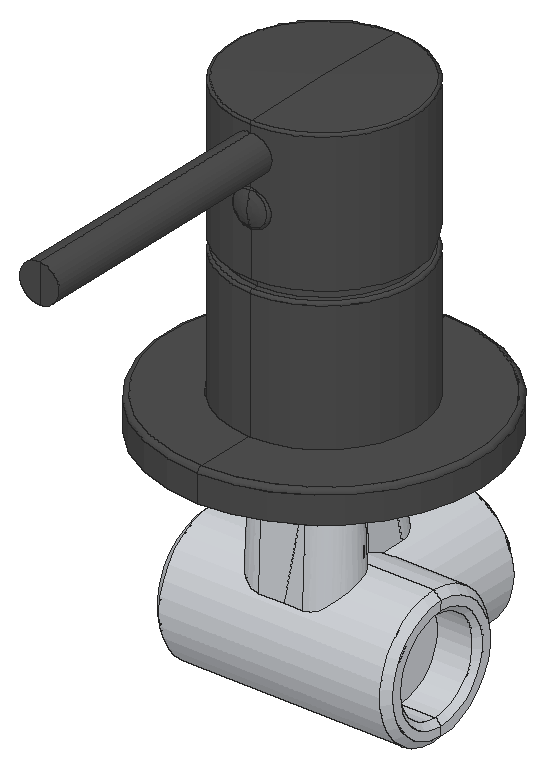
Revit family "Reece_Tap_Mizu_Drift_Shower Mixer", category Plumbing Fixtures, host Face, Revit 2018
Family settings
  Host = Face
  Round Connector Dimension = Use Diameter
  Part Type = Normal
  Cut with Voids When Loaded = No
  Shared = Yes
  Room Calculation Point = Yes
Parameters (values of type "Matte Black")
  WFU = 0  # constant formula
  URL = "https://www.reece.com.au/product/-2267368"
  Type Comments = "Tap"
  Reece_Tap_Outlet = 25 mm  # constant formula
  Reece_Tap_Inlet = 25 mm  # constant formula
  Reece_Product_Web Page = "https://www.reece.com.au/product/-2267368"
  Reece_Product_Type = "Tap"  # constant formula
  Reece_Product_Sub Brand = "Drift"  # constant formula
  Reece_Product_Number = "2267368"
  Reece_Product_Mount = "Wall Mounted"  # constant formula
  Reece_Product_Description = "Mizu Drift Shower Mixer Kit Matte Black Lead Free"
  Reece_Product_Brand = "Mizu"  # constant formula
  Reece_Overall_Projection = 65 mm  # constant formula
  Reece_Overall_Height = 106 mm  # constant formula
  Reece_Material_Main = Reece_Brass_Matte Black
  Reece_Lever_Length = 55 mm  # constant formula
  Reece_Detail_Installation = ""
  Reece_Detail_Disclaimer = "THIS FILE IS THE PROPERTY OF THE REECE GROUP. IT MAY NOT BE REPRODUCED, REVERSE-ENGINEERED, OR MODIFIED. ANY REPUBLICATION, TRANSMISSION, OR DISTRIBUTION FOR THE PURPOSE OF COMMERCIALLY EXPLOITING THE FILES IS PROHIBITED."  # constant formula
  Reece_Detail_Connector = ""
  Reece_Detail_Additional = ""
  Model = "Drift"
  Manufacturer = "Mizu"
  Keynote = "Product #2267368, Reece_Tap_Mizu_Drift_Shower Mixer - Matte Black"
  HWFU = 0  # constant formula
  Disclaimer = "THIS FILE IS THE PROPERTY OF THE REECE GROUP. IT MAY NOT BE REPRODUCED, REVERSE-ENGINEERED, OR MODIFIED. ANY REPUBLICATION, TRANSMISSION, OR DISTRIBUTION FOR THE PURPOSE OF COMMERCIALLY EXPLOITING THE FILES IS PROHIBITED."  # constant formula
  Description = "Mizu Drift Shower Mixer Kit Matte Black Lead Free"
  Default Elevation = 1000 mm
  CWFU = 0  # constant formula
Types (6, lengths in mm): name | URL | Reece_Product_Web Page | Reece_Product_Number | Reece_Product_Description | Reece_Material_Main | Keynote | Description
  Brushed Nickel | "https://www.reece.com.au/product/-2267375" | "https://www.reece.com.au/product/-2267375" | "2267375" | "Mizu Drift Shower Mixer Kit Brushed Nickel Lead Free" | Reece_Brass_Brushed Nickel | "Product #2267375, Reece_Tap_Mizu_Drift_Shower Mixer - Brushed Nickel" | "Mizu Drift Shower Mixer Kit Brushed Nickel Lead Free"
  Chrome | "https://www.reece.com.au/product/-2267361" | "https://www.reece.com.au/product/-2267361" | "2267361" | "Mizu Drift Shower Mixer Kit Chrome Lead Free" | Reece_Brass_Chrome | "Product #2267361, Reece_Tap_Mizu_Drift_Shower Mixer - Chrome" | "Mizu Drift Shower Mixer Kit Chrome Lead Free"
  Matte Black | "https://www.reece.com.au/product/-2267368" | "https://www.reece.com.au/product/-2267368" | "2267368" | "Mizu Drift Shower Mixer Kit Matte Black Lead Free" | Reece_Brass_Matte Black | "Product #2267368, Reece_Tap_Mizu_Drift_Shower Mixer - Matte Black" | "Mizu Drift Shower Mixer Kit Matte Black Lead Free"
  Brushed Gunmetal | "https://www.reece.com.au/product/-2267382" | "https://www.reece.com.au/product/-2267382" | "2267382" | "Mizu Drift Shower Mixer Kit Brushed Gunmetal Lead Free" | Reece_Brass_Brushed Gunmetal | "Product #2267382, Reece_Tap_Mizu_Drift_Shower Mixer - Brushed Gunmetal" | "Mizu Drift Shower Mixer Kit Brushed Gunmetal Lead Free"
  Brushed Brass | "https://www.reece.com.au/product/-9512599" | "https://www.reece.com.au/product/-9512599" | "9512599" | "Mizu Drift Shower Mixer Kit Brushed Brass Lead Free" | Reece_Brass_Brushed | "Product #9512599, Reece_Tap_Mizu_Drift_Shower Mixer - Brushed Brass" | "Mizu Drift Shower Mixer Kit Brushed Brass Lead Free"
  Brushed Bronze | "https://www.reece.com.au/product/-2298920" | "https://www.reece.com.au/product/-2298920" | "2298920" | "Mizu Drift Shower Mixer Kit Brushed Bronze Lead Free" | Reece_Brass_Brushed Bronze | "Product #2298920, Reece_Tap_Mizu_Drift_Shower Mixer - Brushed Bronze" | "Mizu Drift Shower Mixer Kit Brushed Bronze Lead Free"
Reference planes
  plane 1 "Center (Front/Back)": y = 0
  plane 2: z = 0
  plane 3 "Center (Left/Right)": x = 0
  plane 4: y = -18.383
  plane 5: y = -73.383
  plane 6: y = 32.611
  plane 7: y = -73.389
  plane 8: z = 65
  plane 9: z = 33.682
Forms (mm)
  Revolve 1, solid, material "Reece_Brass_Matte Black" <- "Reece_Material_Main"
    sketch origin (0, 0.055, -117.916) x (0, 1, 0) y (0, 0, 1)
      loop
        arc (-18.4, 151.416) -> (-18.824, 151.24) -> (-19, 150.816) r 0.6
        line (-19, 150.816) -> (-19, 117.916) -> (0, 117.916) -> (0, 168.692)
        arc (0, 168.692) -> (-12.151, 163.621) -> (-17.093, 151.416) r 17.094
        line (-17.093, 151.416) -> (-18.4, 151.416)
      axis (0, 168.692) -> (0, 117.916)
    angle from 0 to 360
  Extrusion 2, void
    sketch origin (0, 5.683, 45.943) x (0, -0.91357, -0.406681) y (1, 0, 0)
      loop
        line (39.237, 24.5) -> (-51.116, 24.5) -> (-51.116, -24.5) -> (39.237, -24.5) -> (39.237, 24.5)
    from -20.185 to -8.806
  Revolve 3, solid, material "Reece_Brass_Matte Black" <- "Reece_Material_Main"
    sketch origin (0, 0.055, -117.916) x (0, 1, 0) y (0, 0, 1)
      loop
        arc (-18.499, 182.547) -> (-18.854, 182.387) -> (-19, 182.025) r 0.522
        line (-19, 182.025) -> (-19, 153.595) -> (-18.033, 153.595) -> (-17.5, 161.214) -> (-17.5, 164.095) -> (0, 164.095) -> (0, 182.916)
        arc (0, 182.916) -> (-9.251, 182.823) -> (-18.499, 182.547) r 466.089
      axis (0, 182.916) -> (0, 153.595)
    angle from 0 to 360
  Revolve 4, solid, material "Reece_Brass_Matte Black" <- "Reece_Material_Main"
    sketch origin (0, 0.055, 0.5) x (0, 1, 0) y (0, 0, 1)
      loop
        arc (-31.555, 6) -> (-32.262, 5.707) -> (-32.555, 5) r 1
        line (-32.555, 5) -> (-32.555, -0.5) -> (-19.305, -0.5) -> (-19.305, 6) -> (-31.555, 6)
      axis (0, 6) -> (0, -0.5)
    angle from 0 to 360
  Revolve 5, solid
    sketch origin (0, 7.086, -35) x (0, -1, 0) y (0, 0, 1)
      loop
        line (7.086, 34.7) -> (7.086, 27.3) -> (26.086, 27.3) -> (26.086, 34.7) -> (7.086, 34.7)
      axis (7.086, 34.7) -> (7.086, 27.3)
    angle from 0 to 360
  Revolve 6, solid
    sketch origin (0.142, -6.986, -36.43) x (0, 1, 0) y (0, 0, -1)
      loop
        line (8.163, -13.75) -> (38.586, -13.75) -> (40.086, -12.25) -> (40.086, -10.7) -> (38.886, -9.5) -> (32.645, -9.5) -> (32.645, 0) -> (8.163, 0) -> (8.163, -13.75)
      axis (8.163, 0) -> (40.086, 0)
    angle from 0 to 360
  Revolve 7, solid
    sketch origin (-58.723, 0, -1.289) x (1, 0, 0) y (0, 0, 1)
      loop
        line (35.947, -49) -> (81.5, -49) -> (83, -47.5) -> (83, -45.7) -> (81.8, -44.5) -> (74.51, -44.5) -> (74.51, -35) -> (42.866, -35) -> (42.866, -44.5) -> (35.647, -44.5) -> (34.447, -45.7) -> (34.447, -47.5) -> (35.947, -49)
      axis (83, -35) -> (34.447, -35)
    angle from 0 to 360
  Revolve 8, solid, material "Reece_Brass_Matte Black" <- "Reece_Material_Main"
    sketch origin (0, 0.928, -121.077) x (0, -1, 0) y (0, 0, -1)
      loop
        arc (19.269, -173.642) -> (19.651, -173.532) -> (19.915, -173.234) r 0.716
        arc (19.915, -173.234) -> (20.503, -171.536) -> (20.702, -169.75) r 8.104
        line (20.702, -169.75) -> (16.178, -169.75) -> (16.178, -173.642) -> (19.269, -173.642)
      axis (16.178, -169.75) -> (20.702, -169.75)
    angle from 0 to 360
  Revolve 9, void
    sketch origin (0, 0.928, -121.077) x (0, -1, 0) y (0, 0, -1)
      loop
        arc (20.458, -173.621) -> (20.84, -173.51) -> (21.104, -173.213) r 0.716
        arc (21.104, -173.213) -> (21.689, -171.525) -> (21.891, -169.75) r 8.104
        line (21.891, -169.75) -> (17.922, -169.75) -> (17.922, -173.621) -> (20.458, -173.621)
      axis (17.922, -169.75) -> (21.891, -169.75)
    angle from 0 to 360
  Revolve 10, void
    sketch origin (0, 0, 0) x (1, 0, 0) y (0, 0, 1)
      loop
        line (0, 6.5) -> (0, -53.5) -> (19, -53.5) -> (19, 6.5) -> (0, 6.5)
      axis (0, 6.5) -> (0, -53.5)
    angle from 0 to 360
  SweptBlend 11, solid
    path origin (0, 0, 0) x (0, 1, 0) y (0, 0, 1)
      loop
        line (-11.126, -30.592) -> (-11.126, -5.625)
    profile origin (0, -11.126, -30.592) x (0, -1, 0) y (1, 0, 0)
      loop
        line (0, 0) -> (0, 4.516)
        arc (0, 4.516) -> (-4.808, 10.868) -> (-12.227, 7.964) r 6.6
        arc (-12.227, 7.964) -> (-13.319, 6.914) -> (-14.785, 6.532) r 3
        line (-14.785, 6.532) -> (-24.322, 6.532)
        arc (-24.322, 6.532) -> (-30.854, 0) -> (-24.322, -6.532) r 6.532
        line (-24.322, -6.532) -> (-14.785, -6.532)
        arc (-14.785, -6.532) -> (-13.319, -6.914) -> (-12.227, -7.964) r 3
        arc (-12.227, -7.964) -> (-4.808, -10.868) -> (0, -4.516) r 6.6
        line (0, -4.516) -> (0, 0)
    end profile origin (0, -11.126, -5.625) x (0, -1, 0) y (1, 0, 0)
      loop
        arc (-19.416, 6.309) -> (-25.724, 0) -> (-19.416, -6.309) r 6.309
        line (-19.416, -6.309) -> (-13.92, -6.309)
        arc (-13.92, -6.309) -> (-12.496, -6.667) -> (-11.413, -7.658) r 3.004
        arc (-11.413, -7.658) -> (-4.978, -9.992) -> (-0.892, -4.5) r 5.734
        line (-0.892, -4.5) -> (-0.892, 4.5)
        arc (-0.892, 4.5) -> (-4.978, 9.992) -> (-11.413, 7.658) r 5.734
        arc (-11.413, 7.658) -> (-12.497, 6.667) -> (-13.921, 6.309) r 3.004
        line (-13.921, 6.309) -> (-19.416, 6.309)
  Revolve 12, solid, material "Reece_Brass_Matte Black" <- "Reece_Material_Main"
    sketch origin (0, -80.665, 266.29) x (0, -1, 0) y (0, 0, -1)
      loop
        line (-62.283, 207.59) -> (-62.283, 203.59) -> (-7.283, 203.59) -> (-7.283, 207.59) -> (-62.283, 207.59)
      axis (-7.283, 207.59) -> (-62.283, 207.59)
    angle from 0 to 360
Cuts and joins
  joined: Revolve 5, Revolve 6, Revolve 7, SweptBlend 11
  Extrusion 2, Revolve 9 cuts Revolve 3
  joined: Revolve 1, Revolve 3, Revolve 4, Revolve 12
Text (mm)
  text "Reece ©" at (-456.585, -195.183, 0), in view "Ref. Level"
  text "Reece ©" at (34.197, 169.242, 112.824), in view "Reece Preview"
Dimensions and locks
  Revolve 1 sketch curve to Revolve 1 sketch curve = 19 mm
  Extrusion 2 sketch curve to Extrusion 2 sketch curve = 49 mm
  "Reece_Lever_Length": plane 4 to plane 5
  "Reece_Overall_Height": plane 6 to plane 7
  "Reece_Overall_Projection": plane 8 to host face
  aligned and locked: plane 2 to host face
  aligned and locked: level to host face
  aligned and locked: Revolve 3 sketch curve to Revolve 3 sketch curve
  aligned and locked: Revolve 12 sketch curve to Revolve 12 sketch curve
Automatic sketch dimensions
  host sketch curve to host sketch curve = 244.45 mm
  host sketch curve to host sketch curve = 246.302 mm
  Extrusion 2 sketch curve to Extrusion 2 sketch curve = 90.354 mm
  Revolve 8 sketch curve to Revolve 8 sketch curve = 3.58 mm
  Revolve 8 sketch curve to Revolve 8 sketch curve = 3.091 mm
  Revolve 8 sketch curve to Revolve 8 sketch curve = 1.433 mm
  Revolve 8 sketch curve to Revolve 8 sketch curve = 0.716 mm
  Revolve 8 sketch curve to Revolve 8 sketch curve = 3.892 mm
  Revolve 8 sketch curve to Revolve 8 sketch curve = 0.925 mm
  Revolve 8 sketch curve to Revolve 8 sketch curve = 4.804 mm
  Revolve 8 sketch curve to Revolve 8 sketch curve = 0 mm
  Revolve 9 sketch curve to Revolve 9 sketch curve = 4.135 mm
  Revolve 9 sketch curve to Revolve 9 sketch curve = 2.536 mm
  Revolve 9 sketch curve to Revolve 9 sketch curve = 1.433 mm
  Revolve 9 sketch curve to Revolve 9 sketch curve = 0.716 mm
  Revolve 9 sketch curve to Revolve 9 sketch curve = 3.871 mm
  Revolve 9 sketch curve to Revolve 9 sketch curve = 0.021 mm
  Revolve 9 sketch curve to Revolve 9 sketch curve = 0.264 mm
  Revolve 9 sketch curve to Revolve 9 sketch curve = 3.615 mm
  Revolve 9 sketch curve to Revolve 9 sketch curve = 0 mm
  Revolve 5 sketch curve to Revolve 5 sketch curve = 7.4 mm
  Revolve 6 sketch curve to Revolve 6 sketch curve = 0.3 mm
  Revolve 6 sketch curve to Revolve 6 sketch curve = 1.5 mm  (x2)
  Revolve 6 sketch curve to Revolve 6 sketch curve = 9.5 mm
  Revolve 6 sketch curve to Revolve 6 sketch curve = 1.2 mm
  Revolve 6 sketch curve to Revolve 6 sketch curve = 1.55 mm
  Revolve 6 sketch curve to Revolve 6 sketch curve = 8.163 mm
  Revolve 7 sketch curve to Revolve 7 sketch curve = 1.2 mm  (x3)
  Revolve 7 sketch curve to Revolve 7 sketch curve = 0.3 mm  (x2)
  Revolve 7 sketch curve to Revolve 7 sketch curve = 6.99 mm
  Revolve 7 sketch curve to Revolve 7 sketch curve = 1.5 mm  (x2)
  Revolve 7 sketch curve to Revolve 7 sketch curve = 1.8 mm  (x2)
  Revolve 7 sketch curve to Revolve 7 sketch curve = 4.5 mm  (x2)
  Revolve 7 sketch curve to Revolve 7 sketch curve = 12.797 mm
  Revolve 7 sketch curve to Revolve 7 sketch curve = 25.491 mm
  Revolve 7 sketch curve to Revolve 7 sketch curve = 10.7 mm
  Revolve 7 sketch curve to Revolve 7 sketch curve = 7.219 mm
  Revolve 7 sketch curve to Revolve 7 sketch curve = 18.848 mm
  Revolve 7 sketch curve to Revolve 7 sketch curve = 9.5 mm
  Revolve 3 sketch curve to Revolve 3 sketch curve = 0.522 mm
  Revolve 3 sketch curve to Revolve 3 sketch curve = 0.967 mm
  Revolve 3 sketch curve to Revolve 3 sketch curve = 2.881 mm
  Revolve 3 sketch curve to Revolve 3 sketch curve = 57.637 mm
  Revolve 3 sketch curve to Revolve 3 sketch curve = 2210.427 mm
  Revolve 3 sketch curve to Revolve 3 sketch curve = 0.055 mm
  Revolve 3 sketch curve to Revolve 3 sketch curve = 436.768 mm
  Revolve 3 sketch curve to Revolve 3 sketch curve = 17.93 mm
  Revolve 3 sketch curve to Revolve 3 sketch curve = 0.891 mm
  Revolve 10 sketch curve to plane 3 "Center (Left/Right)" = 0 mm  (x2)
  level to Revolve 10 sketch curve = 6.5 mm
  plane 3 "Center (Left/Right)" to Revolve 10 sketch curve = 19 mm
  Revolve 10 sketch curve to level = 53.5 mm
  Revolve 10 sketch curve to Revolve 10 sketch curve = 30.501 mm
  Revolve 10 sketch curve to Revolve 10 sketch curve = 11.979 mm
  plane 3 "Center (Left/Right)" to Extrusion 2 sketch curve = 24.5 mm
  plane 1 "Center (Front/Back)" to Revolve 3 sketch curve = 18.945 mm
  Revolve 3 sketch curve to level = 401.089 mm
  Revolve 7 sketch curve to plane 3 "Center (Left/Right)" = 24.277 mm
  Revolve 7 sketch curve to level = 50.289 mm
  plane 1 "Center (Front/Back)" to Revolve 8 sketch curve = 11.67 mm
  plane 1 "Center (Front/Back)" to Revolve 9 sketch curve = 12.859 mm
  SweptBlend 11 sketch curve to plane 3 "Center (Left/Right)" = 0 mm  (x3)
  profile plane to SweptBlend 11 sketch curve = 19.416 mm
  SweptBlend 11 sketch curve to SweptBlend 11 sketch curve = 0 mm  (x3)
  SweptBlend 11 sketch curve to SweptBlend 11 sketch curve = 5.496 mm
  SweptBlend 11 sketch curve to SweptBlend 11 sketch curve = 5.495 mm
  SweptBlend 11 sketch curve to SweptBlend 11 sketch curve = 0.001 mm
  plane 3 "Center (Left/Right)" to SweptBlend 11 sketch curve = 4.5 mm  (x2)
  profile plane to SweptBlend 11 sketch curve = 6.626 mm  (x2)
  SweptBlend 11 sketch curve to plane 3 "Center (Left/Right)" = 4.5 mm  (x2)
  profile plane to SweptBlend 11 sketch curve = 0.892 mm
  SweptBlend 11 sketch curve to plane 3 "Center (Left/Right)" = 6.309 mm
  SweptBlend 11 sketch curve to SweptBlend 11 sketch curve = 3.004 mm  (x2)
  profile plane to SweptBlend 11 sketch curve = 24.322 mm
  SweptBlend 11 sketch curve to SweptBlend 11 sketch curve = 9.537 mm  (x2)
  profile plane to SweptBlend 11 sketch curve = 6.6 mm  (x2)
  profile plane to SweptBlend 11 sketch curve = 0 mm
  SweptBlend 11 sketch curve to plane 3 "Center (Left/Right)" = 4.516 mm
  SweptBlend 11 sketch curve to plane 3 "Center (Left/Right)" = 6.532 mm
  SweptBlend 11 sketch curve to SweptBlend 11 sketch curve = 3 mm  (x2)
  SweptBlend 11 sketch curve to SweptBlend 11 sketch curve = 4.516 mm
  plane 1 "Center (Front/Back)" to SweptBlend 11 sketch curve = 11.126 mm
  SweptBlend 11 sketch curve to level = 30.592 mm
  SweptBlend 11 sketch curve to level = 5.625 mm
  Revolve 5 sketch curve to plane 1 "Center (Front/Back)" = 0 mm  (x2)
  Revolve 5 sketch curve to level = 7.7 mm
  plane 1 "Center (Front/Back)" to Revolve 5 sketch curve = 19 mm
  Revolve 5 sketch curve to Revolve 5 sketch curve = 10 mm
  Revolve 6 sketch curve to plane 1 "Center (Front/Back)" = 1.178 mm
  Revolve 6 sketch curve to Revolve 6 sketch curve = 24.481 mm
  Revolve 6 sketch curve to Revolve 6 sketch curve = 5.941 mm
  Revolve 6 sketch curve to level = 22.68 mm
  Revolve 6 sketch curve to Revolve 6 sketch curve = 7.355 mm
  Revolve 6 sketch curve to Revolve 6 sketch curve = 0 mm
  level to Revolve 5 sketch curve = 30 mm
  Revolve 4 sketch curve to level = 0 mm
  level to Revolve 4 sketch curve = 6.5 mm
  plane 1 "Center (Front/Back)" to Revolve 4 sketch curve = 19.25 mm
  Revolve 4 sketch curve to Revolve 4 sketch curve = 12.25 mm
  Revolve 4 sketch curve to Revolve 4 sketch curve = 1 mm
  Revolve 4 sketch curve to plane 1 "Center (Front/Back)" = 0.055 mm
  Revolve 4 sketch curve to level = 340.31 mm
  Revolve 3 sketch curve to plane 1 "Center (Front/Back)" = 0.055 mm
  Revolve 3 sketch curve to Revolve 3 sketch curve = 0.533 mm
  Revolve 4 sketch curve to Revolve 4 sketch curve = 2438.37 mm
  level to Revolve 8 sketch curve = 52.565 mm
  level to Revolve 9 sketch curve = 52.544 mm
  Revolve 3 sketch curve to Revolve 3 sketch curve = 7.619 mm
  Revolve 1 sketch curve to level = 0 mm
  plane 9 to Revolve 1 sketch curve = 0 mm
  plane 9 to Revolve 1 sketch curve = 0.782 mm
  plane 9 to Revolve 1 sketch curve = 0.182 mm
  Revolve 1 sketch curve to plane 1 "Center (Front/Back)" = 0.055 mm
  Revolve 1 sketch curve to Revolve 1 sketch curve = 1.307 mm
  Revolve 1 sketch curve to level = 458.726 mm
  plane 8 to Revolve 1 sketch curve = 2261.433 mm
  Revolve 1 sketch curve to Revolve 1 sketch curve = 0 mm
  Revolve 12 sketch curve to plane 4 = 0 mm
  Revolve 12 sketch curve to plane 5 = 0 mm
  Revolve 12 sketch curve to plane 8 = 2.3 mm
  Revolve 12 sketch curve to Revolve 12 sketch curve = 4 mm
  Revolve 12 sketch curve to Revolve 12 sketch curve = 6.418 mm
  Revolve 12 sketch curve to plane 7 = 11.072 mm
  radius of Revolve 1 sketch curve = 17.094 mm
Connectors
  piping at (0.142, 25.659, -36.43), diameter 25, driven by "Reece_Tap_Outlet"
    settings: on cut or joined group of Revolve 5, Revolve 6, Revolve 7, SweptBlend 11, index 1, connector inside diameter 609.6 mm, connector length 0 mm, flow factor 0, pipe flow 0.0 L/s, pressure drop 0.0 Pa, fitting loss kfactor 0, connector angle 0.00°, fixture units 0, engagement length 0 mm, angle of deflection 0.00°, flow configuration 0, flow direction 2, fitting loss method 0, system type 29, joint type 0, gender type 0, connector reference index -1, connector utility 0, adjustable connector no, is connector primary yes, connector description ""
  piping at (-15.857, 0, -36.289), diameter 25, driven by "Reece_Tap_Inlet"
    settings: on cut or joined group of Revolve 5, Revolve 6, Revolve 7, SweptBlend 11, index 2, connector inside diameter 609.6 mm, connector length 0 mm, flow factor 0, pipe flow 0.0 L/s, pressure drop 0.0 Pa, fitting loss kfactor 0, connector angle 0.00°, fixture units 0, engagement length 0 mm, angle of deflection 0.00°, flow configuration 0, flow direction 1, fitting loss method 0, system type 29, joint type 0, gender type 0, connector reference index -1, connector utility 0, adjustable connector no, is connector primary no, connector description ""
  piping at (15.787, 0, -36.289), diameter 25, driven by "Reece_Tap_Inlet"
    settings: on cut or joined group of Revolve 5, Revolve 6, Revolve 7, SweptBlend 11, index 3, connector inside diameter 609.6 mm, connector length 0 mm, flow factor 0, pipe flow 0.0 L/s, pressure drop 0.0 Pa, fitting loss kfactor 0, connector angle 0.00°, fixture units 0, engagement length 0 mm, angle of deflection 0.00°, flow configuration 0, flow direction 1, fitting loss method 0, system type 29, joint type 0, gender type 0, connector reference index -1, connector utility 0, adjustable connector no, is connector primary no, connector description ""
